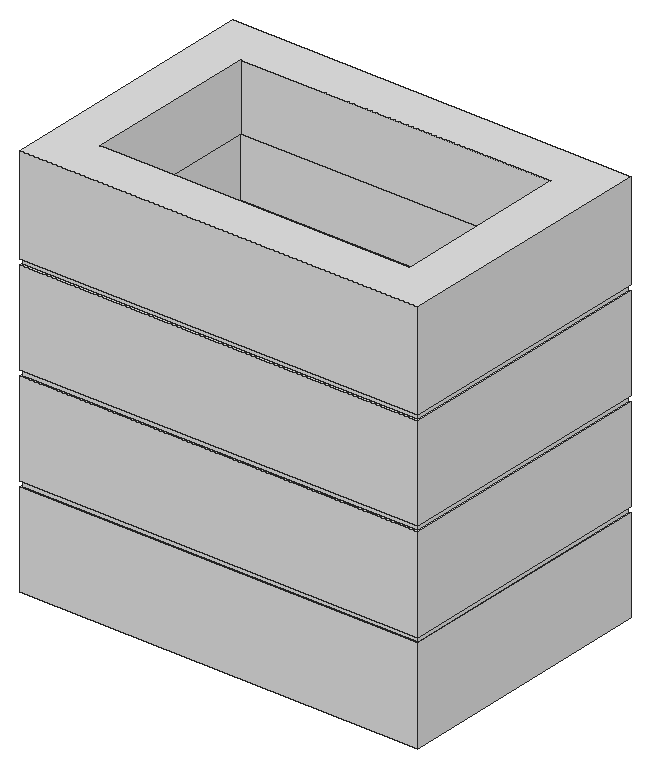
Revit family "Specialty_Equipment-Planter-Planters_Unlimited-Madera-Square-Rectangular", category Specialty Equipment, Revit 2023 (continued)
Types in the file's own list only (1344): name | Square Planter | Diagonal Support Visibility by Length | Diagonal Support | Center Divider | CD_Width | CD_Requested Width Bottom | CD_Requested Width | CD_Requested Length Bottom | CD_Requested Length | CD_Requested Height | Center Divider Visibility by Length | CD_Length | CD_Height | Rectangle Planter
  Rectangular 72" x 18" x 18" | No | Yes | No | Yes | 18" | 12" | 18" | 48" | 72" | 18" | Yes | 72" | 18" | Yes
  Rectangular 72" x 18" x 24" | No | Yes | No | Yes | 18" | 12" | 18" | 48" | 72" | 24" | Yes | 72" | 24" | Yes
  Rectangular 72" x 18" x 30" | No | Yes | No | Yes | 18" | 12" | 18" | 48" | 72" | 30" | Yes | 72" | 30" | Yes
  Rectangular 72" x 18" x 36" | No | Yes | No | Yes | 18" | 12" | 18" | 48" | 72" | 36" | Yes | 72" | 36" | Yes
  Rectangular 72" x 18" x 42" | No | Yes | No | Yes | 18" | 12" | 18" | 48" | 72" | 42" | Yes | 72" | 42" | Yes
  Rectangular 72" x 18" x 48" | No | Yes | No | Yes | 18" | 12" | 18" | 48" | 72" | 48" | Yes | 72" | 48" | Yes
  Rectangular 72" x 18" x 54" | No | Yes | No | Yes | 18" | 12" | 18" | 48" | 72" | 54" | Yes | 72" | 54" | Yes
  Rectangular 72" x 18" x 60" | No | Yes | No | Yes | 18" | 12" | 18" | 48" | 72" | 60" | Yes | 72" | 60" | Yes
  Rectangular 72" x 24" x 18" | No | Yes | No | Yes | 24" | 16" | 24" | 48" | 72" | 18" | Yes | 72" | 18" | Yes
  Rectangular 72" x 24" x 24" | No | Yes | No | Yes | 24" | 16" | 24" | 48" | 72" | 24" | Yes | 72" | 24" | Yes
  Rectangular 72" x 24" x 30" | No | Yes | No | Yes | 24" | 16" | 24" | 48" | 72" | 30" | Yes | 72" | 30" | Yes
  Rectangular 72" x 24" x 36" | No | Yes | No | Yes | 24" | 16" | 24" | 48" | 72" | 36" | Yes | 72" | 36" | Yes
  Rectangular 72" x 24" x 42" | No | Yes | No | Yes | 24" | 16" | 24" | 48" | 72" | 42" | Yes | 72" | 42" | Yes
  Rectangular 72" x 24" x 48" | No | Yes | No | Yes | 24" | 16" | 24" | 48" | 72" | 48" | Yes | 72" | 48" | Yes
  Rectangular 72" x 24" x 54" | No | Yes | No | Yes | 24" | 16" | 24" | 48" | 72" | 54" | Yes | 72" | 54" | Yes
  Rectangular 72" x 24" x 60" | No | Yes | No | Yes | 24" | 16" | 24" | 48" | 72" | 60" | Yes | 72" | 60" | Yes
  Rectangular 72" x 30" x 18" | No | Yes | No | Yes | 30" | 20" | 30" | 48" | 72" | 18" | Yes | 72" | 18" | Yes
  Rectangular 72" x 30" x 24" | No | Yes | No | Yes | 30" | 20" | 30" | 48" | 72" | 24" | Yes | 72" | 24" | Yes
  Rectangular 72" x 30" x 30" | No | Yes | No | Yes | 30" | 20" | 30" | 48" | 72" | 30" | Yes | 72" | 30" | Yes
  Rectangular 72" x 30" x 36" | No | Yes | No | Yes | 30" | 20" | 30" | 48" | 72" | 36" | Yes | 72" | 36" | Yes
  Rectangular 72" x 30" x 42" | No | Yes | No | Yes | 30" | 20" | 30" | 48" | 72" | 42" | Yes | 72" | 42" | Yes
  Rectangular 72" x 30" x 48" | No | Yes | No | Yes | 30" | 20" | 30" | 48" | 72" | 48" | Yes | 72" | 48" | Yes
  Rectangular 72" x 30" x 54" | No | Yes | No | Yes | 30" | 20" | 30" | 48" | 72" | 54" | Yes | 72" | 54" | Yes
  Rectangular 72" x 30" x 60" | No | Yes | No | Yes | 30" | 20" | 30" | 48" | 72" | 60" | Yes | 72" | 60" | Yes
  Rectangular 72" x 36" x 18" | No | Yes | No | Yes | 36" | 24" | 36" | 48" | 72" | 18" | Yes | 72" | 18" | Yes
  Rectangular 72" x 36" x 24" | No | Yes | No | Yes | 36" | 24" | 36" | 48" | 72" | 24" | Yes | 72" | 24" | Yes
  Rectangular 72" x 36" x 30" | No | Yes | No | Yes | 36" | 24" | 36" | 48" | 72" | 30" | Yes | 72" | 30" | Yes
  Rectangular 72" x 36" x 36" | No | Yes | No | Yes | 36" | 24" | 36" | 48" | 72" | 36" | Yes | 72" | 36" | Yes
  Rectangular 72" x 36" x 42" | No | Yes | No | Yes | 36" | 24" | 36" | 48" | 72" | 42" | Yes | 72" | 42" | Yes
  Rectangular 72" x 36" x 48" | No | Yes | No | Yes | 36" | 24" | 36" | 48" | 72" | 48" | Yes | 72" | 48" | Yes
  Rectangular 72" x 36" x 54" | No | Yes | No | Yes | 36" | 24" | 36" | 48" | 72" | 54" | Yes | 72" | 54" | Yes
  Rectangular 72" x 36" x 60" | No | Yes | No | Yes | 36" | 24" | 36" | 48" | 72" | 60" | Yes | 72" | 60" | Yes
  Rectangular 72" x 42" x 18" | No | Yes | No | Yes | 42" | 28" | 42" | 48" | 72" | 18" | Yes | 72" | 18" | Yes
  Rectangular 72" x 42" x 24" | No | Yes | No | Yes | 42" | 28" | 42" | 48" | 72" | 24" | Yes | 72" | 24" | Yes
  Rectangular 72" x 42" x 30" | No | Yes | No | Yes | 42" | 28" | 42" | 48" | 72" | 30" | Yes | 72" | 30" | Yes
  Rectangular 72" x 42" x 36" | No | Yes | No | Yes | 42" | 28" | 42" | 48" | 72" | 36" | Yes | 72" | 36" | Yes
  Rectangular 72" x 42" x 42" | No | Yes | No | Yes | 42" | 28" | 42" | 48" | 72" | 42" | Yes | 72" | 42" | Yes
  Rectangular 72" x 42" x 48" | No | Yes | No | Yes | 42" | 28" | 42" | 48" | 72" | 48" | Yes | 72" | 48" | Yes
  Rectangular 72" x 42" x 54" | No | Yes | No | Yes | 42" | 28" | 42" | 48" | 72" | 54" | Yes | 72" | 54" | Yes
  Rectangular 72" x 42" x 60" | No | Yes | No | Yes | 42" | 28" | 42" | 48" | 72" | 60" | Yes | 72" | 60" | Yes
  Rectangular 72" x 48" x 18" | No | Yes | No | Yes | 48" | 32" | 48" | 48" | 72" | 18" | Yes | 72" | 18" | Yes
  Rectangular 72" x 48" x 24" | No | Yes | No | Yes | 48" | 32" | 48" | 48" | 72" | 24" | Yes | 72" | 24" | Yes
  Rectangular 72" x 48" x 30" | No | Yes | No | Yes | 48" | 32" | 48" | 48" | 72" | 30" | Yes | 72" | 30" | Yes
  Rectangular 72" x 48" x 36" | No | Yes | No | Yes | 48" | 32" | 48" | 48" | 72" | 36" | Yes | 72" | 36" | Yes
  Rectangular 72" x 48" x 42" | No | Yes | No | Yes | 48" | 32" | 48" | 48" | 72" | 42" | Yes | 72" | 42" | Yes
  Rectangular 72" x 48" x 48" | No | Yes | No | Yes | 48" | 32" | 48" | 48" | 72" | 48" | Yes | 72" | 48" | Yes
  Rectangular 72" x 48" x 54" | No | Yes | No | Yes | 48" | 32" | 48" | 48" | 72" | 54" | Yes | 72" | 54" | Yes
  Rectangular 72" x 48" x 60" | No | Yes | No | Yes | 48" | 32" | 48" | 48" | 72" | 60" | Yes | 72" | 60" | Yes
  Rectangular 72" x 60" x 18" | No | Yes | No | Yes | 60" | 40" | 60" | 48" | 72" | 18" | Yes | 72" | 18" | Yes
  Rectangular 72" x 60" x 24" | No | Yes | No | Yes | 60" | 40" | 60" | 48" | 72" | 24" | Yes | 72" | 24" | Yes
  Rectangular 72" x 60" x 30" | No | Yes | No | Yes | 60" | 40" | 60" | 48" | 72" | 30" | Yes | 72" | 30" | Yes
  Rectangular 72" x 60" x 36" | No | Yes | No | Yes | 60" | 40" | 60" | 48" | 72" | 36" | Yes | 72" | 36" | Yes
  Rectangular 72" x 60" x 42" | No | Yes | No | Yes | 60" | 40" | 60" | 48" | 72" | 42" | Yes | 72" | 42" | Yes
  Rectangular 72" x 60" x 48" | No | Yes | No | Yes | 60" | 40" | 60" | 48" | 72" | 48" | Yes | 72" | 48" | Yes
  Rectangular 72" x 60" x 54" | No | Yes | No | Yes | 60" | 40" | 60" | 48" | 72" | 54" | Yes | 72" | 54" | Yes
  Rectangular 72" x 60" x 60" | No | Yes | No | Yes | 60" | 40" | 60" | 48" | 72" | 60" | Yes | 72" | 60" | Yes
  Rectangular 72" x 66" x 18" | No | Yes | No | Yes | 66" | 44" | 66" | 48" | 72" | 18" | Yes | 72" | 18" | Yes
  Rectangular 72" x 66" x 24" | No | Yes | No | Yes | 66" | 44" | 66" | 48" | 72" | 24" | Yes | 72" | 24" | Yes
  Rectangular 72" x 66" x 30" | No | Yes | No | Yes | 66" | 44" | 66" | 48" | 72" | 30" | Yes | 72" | 30" | Yes
  Rectangular 72" x 66" x 36" | No | Yes | No | Yes | 66" | 44" | 66" | 48" | 72" | 36" | Yes | 72" | 36" | Yes
  Rectangular 72" x 66" x 42" | No | Yes | No | Yes | 66" | 44" | 66" | 48" | 72" | 42" | Yes | 72" | 42" | Yes
  Rectangular 72" x 66" x 48" | No | Yes | No | Yes | 66" | 44" | 66" | 48" | 72" | 48" | Yes | 72" | 48" | Yes
  Rectangular 72" x 66" x 54" | No | Yes | No | Yes | 66" | 44" | 66" | 48" | 72" | 54" | Yes | 72" | 54" | Yes
  Rectangular 72" x 66" x 60" | No | Yes | No | Yes | 66" | 44" | 66" | 48" | 72" | 60" | Yes | 72" | 60" | Yes
  Square 72" x 72" x 18" | Yes | Yes | Yes | No | 72" | 48" | 72" | 48" | 72" | 18" | Yes | 72" | 18" | No
  Square 72" x 72" x 24" | Yes | Yes | Yes | No | 72" | 48" | 72" | 48" | 72" | 24" | Yes | 72" | 24" | No
  Square 72" x 72" x 30" | Yes | Yes | Yes | No | 72" | 48" | 72" | 48" | 72" | 30" | Yes | 72" | 30" | No
  Square 72" x 72" x 36" | Yes | Yes | Yes | No | 72" | 48" | 72" | 48" | 72" | 36" | Yes | 72" | 36" | No
  Square 72" x 72" x 42" | Yes | Yes | Yes | No | 72" | 48" | 72" | 48" | 72" | 42" | Yes | 72" | 42" | No
  Square 72" x 72" x 48" | Yes | Yes | Yes | No | 72" | 48" | 72" | 48" | 72" | 48" | Yes | 72" | 48" | No
  Square 72" x 72" x 54" | Yes | Yes | Yes | No | 72" | 48" | 72" | 48" | 72" | 54" | Yes | 72" | 54" | No
  Square 72" x 72" x 60" | Yes | Yes | Yes | No | 72" | 48" | 72" | 48" | 72" | 60" | Yes | 72" | 60" | No
  Rectangular 78" x 12" x 18" | No | Yes | No | Yes | 12" | 8" | 12" | 52" | 78" | 18" | Yes | 78" | 18" | Yes
  Rectangular 78" x 12" x 24" | No | Yes | No | Yes | 12" | 8" | 12" | 52" | 78" | 24" | Yes | 78" | 24" | Yes
  Rectangular 78" x 12" x 30" | No | Yes | No | Yes | 12" | 8" | 12" | 52" | 78" | 30" | Yes | 78" | 30" | Yes
  Rectangular 78" x 12" x 36" | No | Yes | No | Yes | 12" | 8" | 12" | 52" | 78" | 36" | Yes | 78" | 36" | Yes
  Rectangular 78" x 15" x 18" | No | Yes | No | Yes | 15" | 10" | 15" | 52" | 78" | 18" | Yes | 78" | 18" | Yes
  Rectangular 78" x 15" x 24" | No | Yes | No | Yes | 15" | 10" | 15" | 52" | 78" | 24" | Yes | 78" | 24" | Yes
  Rectangular 78" x 15" x 30" | No | Yes | No | Yes | 15" | 10" | 15" | 52" | 78" | 30" | Yes | 78" | 30" | Yes
  Rectangular 78" x 15" x 36" | No | Yes | No | Yes | 15" | 10" | 15" | 52" | 78" | 36" | Yes | 78" | 36" | Yes
  Rectangular 78" x 15" x 42" | No | Yes | No | Yes | 15" | 10" | 15" | 52" | 78" | 42" | Yes | 78" | 42" | Yes
  Rectangular 78" x 15" x 48" | No | Yes | No | Yes | 15" | 10" | 15" | 52" | 78" | 48" | Yes | 78" | 48" | Yes
  Rectangular 78" x 15" x 54" | No | Yes | No | Yes | 15" | 10" | 15" | 52" | 78" | 54" | Yes | 78" | 54" | Yes
  Rectangular 78" x 15" x 60" | No | Yes | No | Yes | 15" | 10" | 15" | 52" | 78" | 60" | Yes | 78" | 60" | Yes
  Rectangular 78" x 18" x 18" | No | Yes | No | Yes | 18" | 12" | 18" | 52" | 78" | 18" | Yes | 78" | 18" | Yes
  Rectangular 78" x 18" x 24" | No | Yes | No | Yes | 18" | 12" | 18" | 52" | 78" | 24" | Yes | 78" | 24" | Yes
  Rectangular 78" x 18" x 30" | No | Yes | No | Yes | 18" | 12" | 18" | 52" | 78" | 30" | Yes | 78" | 30" | Yes
  Rectangular 78" x 18" x 36" | No | Yes | No | Yes | 18" | 12" | 18" | 52" | 78" | 36" | Yes | 78" | 36" | Yes
  Rectangular 78" x 18" x 42" | No | Yes | No | Yes | 18" | 12" | 18" | 52" | 78" | 42" | Yes | 78" | 42" | Yes
  Rectangular 78" x 18" x 48" | No | Yes | No | Yes | 18" | 12" | 18" | 52" | 78" | 48" | Yes | 78" | 48" | Yes
  Rectangular 78" x 18" x 54" | No | Yes | No | Yes | 18" | 12" | 18" | 52" | 78" | 54" | Yes | 78" | 54" | Yes
  Rectangular 78" x 18" x 60" | No | Yes | No | Yes | 18" | 12" | 18" | 52" | 78" | 60" | Yes | 78" | 60" | Yes
  Rectangular 78" x 24" x 18" | No | Yes | No | Yes | 24" | 16" | 24" | 52" | 78" | 18" | Yes | 78" | 18" | Yes
  Rectangular 78" x 24" x 24" | No | Yes | No | Yes | 24" | 16" | 24" | 52" | 78" | 24" | Yes | 78" | 24" | Yes
  Rectangular 78" x 24" x 30" | No | Yes | No | Yes | 24" | 16" | 24" | 52" | 78" | 30" | Yes | 78" | 30" | Yes
  Rectangular 78" x 24" x 36" | No | Yes | No | Yes | 24" | 16" | 24" | 52" | 78" | 36" | Yes | 78" | 36" | Yes
  Rectangular 78" x 24" x 42" | No | Yes | No | Yes | 24" | 16" | 24" | 52" | 78" | 42" | Yes | 78" | 42" | Yes
  Rectangular 78" x 24" x 48" | No | Yes | No | Yes | 24" | 16" | 24" | 52" | 78" | 48" | Yes | 78" | 48" | Yes
  Rectangular 78" x 24" x 54" | No | Yes | No | Yes | 24" | 16" | 24" | 52" | 78" | 54" | Yes | 78" | 54" | Yes
  Rectangular 78" x 24" x 60" | No | Yes | No | Yes | 24" | 16" | 24" | 52" | 78" | 60" | Yes | 78" | 60" | Yes
  Rectangular 78" x 30" x 18" | No | Yes | No | Yes | 30" | 20" | 30" | 52" | 78" | 18" | Yes | 78" | 18" | Yes
  Rectangular 78" x 30" x 24" | No | Yes | No | Yes | 30" | 20" | 30" | 52" | 78" | 24" | Yes | 78" | 24" | Yes
  Rectangular 78" x 30" x 30" | No | Yes | No | Yes | 30" | 20" | 30" | 52" | 78" | 30" | Yes | 78" | 30" | Yes
  Rectangular 78" x 30" x 36" | No | Yes | No | Yes | 30" | 20" | 30" | 52" | 78" | 36" | Yes | 78" | 36" | Yes
  Rectangular 78" x 30" x 42" | No | Yes | No | Yes | 30" | 20" | 30" | 52" | 78" | 42" | Yes | 78" | 42" | Yes
  Rectangular 78" x 30" x 48" | No | Yes | No | Yes | 30" | 20" | 30" | 52" | 78" | 48" | Yes | 78" | 48" | Yes
  Rectangular 78" x 30" x 54" | No | Yes | No | Yes | 30" | 20" | 30" | 52" | 78" | 54" | Yes | 78" | 54" | Yes
  Rectangular 78" x 30" x 60" | No | Yes | No | Yes | 30" | 20" | 30" | 52" | 78" | 60" | Yes | 78" | 60" | Yes
  Rectangular 78" x 36" x 18" | No | Yes | No | Yes | 36" | 24" | 36" | 52" | 78" | 18" | Yes | 78" | 18" | Yes
  Rectangular 78" x 36" x 24" | No | Yes | No | Yes | 36" | 24" | 36" | 52" | 78" | 24" | Yes | 78" | 24" | Yes
  Rectangular 78" x 36" x 30" | No | Yes | No | Yes | 36" | 24" | 36" | 52" | 78" | 30" | Yes | 78" | 30" | Yes
  Rectangular 78" x 36" x 36" | No | Yes | No | Yes | 36" | 24" | 36" | 52" | 78" | 36" | Yes | 78" | 36" | Yes
  Rectangular 78" x 36" x 42" | No | Yes | No | Yes | 36" | 24" | 36" | 52" | 78" | 42" | Yes | 78" | 42" | Yes
  Rectangular 78" x 36" x 48" | No | Yes | No | Yes | 36" | 24" | 36" | 52" | 78" | 48" | Yes | 78" | 48" | Yes
  Rectangular 78" x 36" x 54" | No | Yes | No | Yes | 36" | 24" | 36" | 52" | 78" | 54" | Yes | 78" | 54" | Yes
  Rectangular 78" x 36" x 60" | No | Yes | No | Yes | 36" | 24" | 36" | 52" | 78" | 60" | Yes | 78" | 60" | Yes
  Rectangular 78" x 42" x 18" | No | Yes | No | Yes | 42" | 28" | 42" | 52" | 78" | 18" | Yes | 78" | 18" | Yes
  Rectangular 78" x 42" x 24" | No | Yes | No | Yes | 42" | 28" | 42" | 52" | 78" | 24" | Yes | 78" | 24" | Yes
  Rectangular 78" x 42" x 30" | No | Yes | No | Yes | 42" | 28" | 42" | 52" | 78" | 30" | Yes | 78" | 30" | Yes
  Rectangular 78" x 42" x 36" | No | Yes | No | Yes | 42" | 28" | 42" | 52" | 78" | 36" | Yes | 78" | 36" | Yes
  Rectangular 78" x 42" x 42" | No | Yes | No | Yes | 42" | 28" | 42" | 52" | 78" | 42" | Yes | 78" | 42" | Yes
  Rectangular 78" x 42" x 48" | No | Yes | No | Yes | 42" | 28" | 42" | 52" | 78" | 48" | Yes | 78" | 48" | Yes
  Rectangular 78" x 42" x 54" | No | Yes | No | Yes | 42" | 28" | 42" | 52" | 78" | 54" | Yes | 78" | 54" | Yes
  Rectangular 78" x 42" x 60" | No | Yes | No | Yes | 42" | 28" | 42" | 52" | 78" | 60" | Yes | 78" | 60" | Yes
  Rectangular 78" x 48" x 18" | No | Yes | No | Yes | 48" | 32" | 48" | 52" | 78" | 18" | Yes | 78" | 18" | Yes
  Rectangular 78" x 48" x 24" | No | Yes | No | Yes | 48" | 32" | 48" | 52" | 78" | 24" | Yes | 78" | 24" | Yes
  Rectangular 78" x 48" x 30" | No | Yes | No | Yes | 48" | 32" | 48" | 52" | 78" | 30" | Yes | 78" | 30" | Yes
  Rectangular 78" x 48" x 36" | No | Yes | No | Yes | 48" | 32" | 48" | 52" | 78" | 36" | Yes | 78" | 36" | Yes
  Rectangular 78" x 48" x 42" | No | Yes | No | Yes | 48" | 32" | 48" | 52" | 78" | 42" | Yes | 78" | 42" | Yes
  Rectangular 78" x 48" x 48" | No | Yes | No | Yes | 48" | 32" | 48" | 52" | 78" | 48" | Yes | 78" | 48" | Yes
  Rectangular 78" x 48" x 54" | No | Yes | No | Yes | 48" | 32" | 48" | 52" | 78" | 54" | Yes | 78" | 54" | Yes
  Rectangular 78" x 48" x 60" | No | Yes | No | Yes | 48" | 32" | 48" | 52" | 78" | 60" | Yes | 78" | 60" | Yes
  Rectangular 78" x 60" x 18" | No | Yes | No | Yes | 60" | 40" | 60" | 52" | 78" | 18" | Yes | 78" | 18" | Yes
  Rectangular 78" x 60" x 24" | No | Yes | No | Yes | 60" | 40" | 60" | 52" | 78" | 24" | Yes | 78" | 24" | Yes
  Rectangular 78" x 60" x 30" | No | Yes | No | Yes | 60" | 40" | 60" | 52" | 78" | 30" | Yes | 78" | 30" | Yes
  Rectangular 78" x 60" x 36" | No | Yes | No | Yes | 60" | 40" | 60" | 52" | 78" | 36" | Yes | 78" | 36" | Yes
  Rectangular 78" x 60" x 42" | No | Yes | No | Yes | 60" | 40" | 60" | 52" | 78" | 42" | Yes | 78" | 42" | Yes
  Rectangular 78" x 60" x 48" | No | Yes | No | Yes | 60" | 40" | 60" | 52" | 78" | 48" | Yes | 78" | 48" | Yes
  Rectangular 78" x 60" x 54" | No | Yes | No | Yes | 60" | 40" | 60" | 52" | 78" | 54" | Yes | 78" | 54" | Yes
  Rectangular 78" x 60" x 60" | No | Yes | No | Yes | 60" | 40" | 60" | 52" | 78" | 60" | Yes | 78" | 60" | Yes
  Rectangular 78" x 66" x 18" | No | Yes | No | Yes | 66" | 44" | 66" | 52" | 78" | 18" | Yes | 78" | 18" | Yes
  Rectangular 78" x 66" x 24" | No | Yes | No | Yes | 66" | 44" | 66" | 52" | 78" | 24" | Yes | 78" | 24" | Yes
  Rectangular 78" x 66" x 30" | No | Yes | No | Yes | 66" | 44" | 66" | 52" | 78" | 30" | Yes | 78" | 30" | Yes
  Rectangular 78" x 66" x 36" | No | Yes | No | Yes | 66" | 44" | 66" | 52" | 78" | 36" | Yes | 78" | 36" | Yes
  Rectangular 78" x 66" x 42" | No | Yes | No | Yes | 66" | 44" | 66" | 52" | 78" | 42" | Yes | 78" | 42" | Yes
  Rectangular 78" x 66" x 48" | No | Yes | No | Yes | 66" | 44" | 66" | 52" | 78" | 48" | Yes | 78" | 48" | Yes
  Rectangular 78" x 66" x 54" | No | Yes | No | Yes | 66" | 44" | 66" | 52" | 78" | 54" | Yes | 78" | 54" | Yes
  Rectangular 78" x 66" x 60" | No | Yes | No | Yes | 66" | 44" | 66" | 52" | 78" | 60" | Yes | 78" | 60" | Yes
  Rectangular 78" x 72" x 18" | No | Yes | No | Yes | 72" | 48" | 72" | 52" | 78" | 18" | Yes | 78" | 18" | Yes
  Rectangular 78" x 72" x 24" | No | Yes | No | Yes | 72" | 48" | 72" | 52" | 78" | 24" | Yes | 78" | 24" | Yes
  Rectangular 78" x 72" x 30" | No | Yes | No | Yes | 72" | 48" | 72" | 52" | 78" | 30" | Yes | 78" | 30" | Yes
  Rectangular 78" x 72" x 36" | No | Yes | No | Yes | 72" | 48" | 72" | 52" | 78" | 36" | Yes | 78" | 36" | Yes
  Rectangular 78" x 72" x 42" | No | Yes | No | Yes | 72" | 48" | 72" | 52" | 78" | 42" | Yes | 78" | 42" | Yes
  Rectangular 78" x 72" x 48" | No | Yes | No | Yes | 72" | 48" | 72" | 52" | 78" | 48" | Yes | 78" | 48" | Yes
  Rectangular 78" x 72" x 54" | No | Yes | No | Yes | 72" | 48" | 72" | 52" | 78" | 54" | Yes | 78" | 54" | Yes
  Rectangular 78" x 72" x 60" | No | Yes | No | Yes | 72" | 48" | 72" | 52" | 78" | 60" | Yes | 78" | 60" | Yes
  Rectangular 84" x 12" x 18" | No | Yes | No | Yes | 12" | 8" | 12" | 56" | 84" | 18" | Yes | 84" | 18" | Yes
  Rectangular 84" x 12" x 24" | No | Yes | No | Yes | 12" | 8" | 12" | 56" | 84" | 24" | Yes | 84" | 24" | Yes
  Rectangular 84" x 12" x 30" | No | Yes | No | Yes | 12" | 8" | 12" | 56" | 84" | 30" | Yes | 84" | 30" | Yes
  Rectangular 84" x 12" x 36" | No | Yes | No | Yes | 12" | 8" | 12" | 56" | 84" | 36" | Yes | 84" | 36" | Yes
  Rectangular 84" x 15" x 18" | No | Yes | No | Yes | 15" | 10" | 15" | 56" | 84" | 18" | Yes | 84" | 18" | Yes
  Rectangular 84" x 15" x 24" | No | Yes | No | Yes | 15" | 10" | 15" | 56" | 84" | 24" | Yes | 84" | 24" | Yes
  Rectangular 84" x 15" x 30" | No | Yes | No | Yes | 15" | 10" | 15" | 56" | 84" | 30" | Yes | 84" | 30" | Yes
  Rectangular 84" x 15" x 36" | No | Yes | No | Yes | 15" | 10" | 15" | 56" | 84" | 36" | Yes | 84" | 36" | Yes
  Rectangular 84" x 15" x 42" | No | Yes | No | Yes | 15" | 10" | 15" | 56" | 84" | 42" | Yes | 84" | 42" | Yes
  Rectangular 84" x 15" x 48" | No | Yes | No | Yes | 15" | 10" | 15" | 56" | 84" | 48" | Yes | 84" | 48" | Yes
  Rectangular 84" x 15" x 54" | No | Yes | No | Yes | 15" | 10" | 15" | 56" | 84" | 54" | Yes | 84" | 54" | Yes
  Rectangular 84" x 15" x 60" | No | Yes | No | Yes | 15" | 10" | 15" | 56" | 84" | 60" | Yes | 84" | 60" | Yes
  Rectangular 84" x 18" x 18" | No | Yes | No | Yes | 18" | 12" | 18" | 56" | 84" | 18" | Yes | 84" | 18" | Yes
  Rectangular 84" x 18" x 24" | No | Yes | No | Yes | 18" | 12" | 18" | 56" | 84" | 24" | Yes | 84" | 24" | Yes
  Rectangular 84" x 18" x 30" | No | Yes | No | Yes | 18" | 12" | 18" | 56" | 84" | 30" | Yes | 84" | 30" | Yes
  Rectangular 84" x 18" x 36" | No | Yes | No | Yes | 18" | 12" | 18" | 56" | 84" | 36" | Yes | 84" | 36" | Yes
  Rectangular 84" x 18" x 42" | No | Yes | No | Yes | 18" | 12" | 18" | 56" | 84" | 42" | Yes | 84" | 42" | Yes
  Rectangular 84" x 18" x 48" | No | Yes | No | Yes | 18" | 12" | 18" | 56" | 84" | 48" | Yes | 84" | 48" | Yes
  Rectangular 84" x 18" x 54" | No | Yes | No | Yes | 18" | 12" | 18" | 56" | 84" | 54" | Yes | 84" | 54" | Yes
  Rectangular 84" x 18" x 60" | No | Yes | No | Yes | 18" | 12" | 18" | 56" | 84" | 60" | Yes | 84" | 60" | Yes
  Rectangular 84" x 24" x 18" | No | Yes | No | Yes | 24" | 16" | 24" | 56" | 84" | 18" | Yes | 84" | 18" | Yes
  Rectangular 84" x 24" x 24" | No | Yes | No | Yes | 24" | 16" | 24" | 56" | 84" | 24" | Yes | 84" | 24" | Yes
  Rectangular 84" x 24" x 30" | No | Yes | No | Yes | 24" | 16" | 24" | 56" | 84" | 30" | Yes | 84" | 30" | Yes
  Rectangular 84" x 24" x 36" | No | Yes | No | Yes | 24" | 16" | 24" | 56" | 84" | 36" | Yes | 84" | 36" | Yes
  Rectangular 84" x 24" x 42" | No | Yes | No | Yes | 24" | 16" | 24" | 56" | 84" | 42" | Yes | 84" | 42" | Yes
  Rectangular 84" x 24" x 48" | No | Yes | No | Yes | 24" | 16" | 24" | 56" | 84" | 48" | Yes | 84" | 48" | Yes
  Rectangular 84" x 24" x 54" | No | Yes | No | Yes | 24" | 16" | 24" | 56" | 84" | 54" | Yes | 84" | 54" | Yes
  Rectangular 84" x 24" x 60" | No | Yes | No | Yes | 24" | 16" | 24" | 56" | 84" | 60" | Yes | 84" | 60" | Yes
  Rectangular 84" x 30" x 18" | No | Yes | No | Yes | 30" | 20" | 30" | 56" | 84" | 18" | Yes | 84" | 18" | Yes
  Rectangular 84" x 30" x 24" | No | Yes | No | Yes | 30" | 20" | 30" | 56" | 84" | 24" | Yes | 84" | 24" | Yes
  Rectangular 84" x 30" x 30" | No | Yes | No | Yes | 30" | 20" | 30" | 56" | 84" | 30" | Yes | 84" | 30" | Yes
  Rectangular 84" x 30" x 36" | No | Yes | No | Yes | 30" | 20" | 30" | 56" | 84" | 36" | Yes | 84" | 36" | Yes
  Rectangular 84" x 30" x 42" | No | Yes | No | Yes | 30" | 20" | 30" | 56" | 84" | 42" | Yes | 84" | 42" | Yes
  Rectangular 84" x 30" x 48" | No | Yes | No | Yes | 30" | 20" | 30" | 56" | 84" | 48" | Yes | 84" | 48" | Yes
  Rectangular 84" x 30" x 54" | No | Yes | No | Yes | 30" | 20" | 30" | 56" | 84" | 54" | Yes | 84" | 54" | Yes
  Rectangular 84" x 30" x 60" | No | Yes | No | Yes | 30" | 20" | 30" | 56" | 84" | 60" | Yes | 84" | 60" | Yes
  Rectangular 84" x 36" x 18" | No | Yes | No | Yes | 36" | 24" | 36" | 56" | 84" | 18" | Yes | 84" | 18" | Yes
  Rectangular 84" x 36" x 24" | No | Yes | No | Yes | 36" | 24" | 36" | 56" | 84" | 24" | Yes | 84" | 24" | Yes
  Rectangular 84" x 36" x 30" | No | Yes | No | Yes | 36" | 24" | 36" | 56" | 84" | 30" | Yes | 84" | 30" | Yes
  Rectangular 84" x 36" x 36" | No | Yes | No | Yes | 36" | 24" | 36" | 56" | 84" | 36" | Yes | 84" | 36" | Yes
  Rectangular 84" x 36" x 42" | No | Yes | No | Yes | 36" | 24" | 36" | 56" | 84" | 42" | Yes | 84" | 42" | Yes
  Rectangular 84" x 36" x 48" | No | Yes | No | Yes | 36" | 24" | 36" | 56" | 84" | 48" | Yes | 84" | 48" | Yes
  Rectangular 84" x 36" x 54" | No | Yes | No | Yes | 36" | 24" | 36" | 56" | 84" | 54" | Yes | 84" | 54" | Yes
  Rectangular 84" x 36" x 60" | No | Yes | No | Yes | 36" | 24" | 36" | 56" | 84" | 60" | Yes | 84" | 60" | Yes
  Rectangular 84" x 42" x 18" | No | Yes | No | Yes | 42" | 28" | 42" | 56" | 84" | 18" | Yes | 84" | 18" | Yes
  Rectangular 84" x 42" x 24" | No | Yes | No | Yes | 42" | 28" | 42" | 56" | 84" | 24" | Yes | 84" | 24" | Yes
  Rectangular 84" x 42" x 30" | No | Yes | No | Yes | 42" | 28" | 42" | 56" | 84" | 30" | Yes | 84" | 30" | Yes
  Rectangular 84" x 42" x 36" | No | Yes | No | Yes | 42" | 28" | 42" | 56" | 84" | 36" | Yes | 84" | 36" | Yes
  Rectangular 84" x 42" x 42" | No | Yes | No | Yes | 42" | 28" | 42" | 56" | 84" | 42" | Yes | 84" | 42" | Yes
  Rectangular 84" x 42" x 48" | No | Yes | No | Yes | 42" | 28" | 42" | 56" | 84" | 48" | Yes | 84" | 48" | Yes
  Rectangular 84" x 42" x 54" | No | Yes | No | Yes | 42" | 28" | 42" | 56" | 84" | 54" | Yes | 84" | 54" | Yes
  Rectangular 84" x 42" x 60" | No | Yes | No | Yes | 42" | 28" | 42" | 56" | 84" | 60" | Yes | 84" | 60" | Yes
  Rectangular 84" x 48" x 18" | No | Yes | No | Yes | 48" | 32" | 48" | 56" | 84" | 18" | Yes | 84" | 18" | Yes
  Rectangular 84" x 48" x 24" | No | Yes | No | Yes | 48" | 32" | 48" | 56" | 84" | 24" | Yes | 84" | 24" | Yes
  Rectangular 84" x 48" x 30" | No | Yes | No | Yes | 48" | 32" | 48" | 56" | 84" | 30" | Yes | 84" | 30" | Yes
  Rectangular 84" x 48" x 36" | No | Yes | No | Yes | 48" | 32" | 48" | 56" | 84" | 36" | Yes | 84" | 36" | Yes
  Rectangular 84" x 48" x 42" | No | Yes | No | Yes | 48" | 32" | 48" | 56" | 84" | 42" | Yes | 84" | 42" | Yes
  Rectangular 84" x 48" x 48" | No | Yes | No | Yes | 48" | 32" | 48" | 56" | 84" | 48" | Yes | 84" | 48" | Yes
  Rectangular 84" x 48" x 54" | No | Yes | No | Yes | 48" | 32" | 48" | 56" | 84" | 54" | Yes | 84" | 54" | Yes
  Rectangular 84" x 48" x 60" | No | Yes | No | Yes | 48" | 32" | 48" | 56" | 84" | 60" | Yes | 84" | 60" | Yes
  Rectangular 84" x 60" x 18" | No | Yes | No | Yes | 60" | 40" | 60" | 56" | 84" | 18" | Yes | 84" | 18" | Yes
  Rectangular 84" x 60" x 24" | No | Yes | No | Yes | 60" | 40" | 60" | 56" | 84" | 24" | Yes | 84" | 24" | Yes
  Rectangular 84" x 60" x 30" | No | Yes | No | Yes | 60" | 40" | 60" | 56" | 84" | 30" | Yes | 84" | 30" | Yes
  Rectangular 84" x 60" x 36" | No | Yes | No | Yes | 60" | 40" | 60" | 56" | 84" | 36" | Yes | 84" | 36" | Yes
  Rectangular 84" x 60" x 42" | No | Yes | No | Yes | 60" | 40" | 60" | 56" | 84" | 42" | Yes | 84" | 42" | Yes
  Rectangular 84" x 60" x 48" | No | Yes | No | Yes | 60" | 40" | 60" | 56" | 84" | 48" | Yes | 84" | 48" | Yes
  Rectangular 84" x 60" x 54" | No | Yes | No | Yes | 60" | 40" | 60" | 56" | 84" | 54" | Yes | 84" | 54" | Yes
  Rectangular 84" x 60" x 60" | No | Yes | No | Yes | 60" | 40" | 60" | 56" | 84" | 60" | Yes | 84" | 60" | Yes
  Rectangular 84" x 66" x 18" | No | Yes | No | Yes | 66" | 44" | 66" | 56" | 84" | 18" | Yes | 84" | 18" | Yes
  Rectangular 84" x 66" x 24" | No | Yes | No | Yes | 66" | 44" | 66" | 56" | 84" | 24" | Yes | 84" | 24" | Yes
  Rectangular 84" x 66" x 30" | No | Yes | No | Yes | 66" | 44" | 66" | 56" | 84" | 30" | Yes | 84" | 30" | Yes
  Rectangular 84" x 66" x 36" | No | Yes | No | Yes | 66" | 44" | 66" | 56" | 84" | 36" | Yes | 84" | 36" | Yes
  Rectangular 84" x 66" x 42" | No | Yes | No | Yes | 66" | 44" | 66" | 56" | 84" | 42" | Yes | 84" | 42" | Yes
  Rectangular 84" x 66" x 48" | No | Yes | No | Yes | 66" | 44" | 66" | 56" | 84" | 48" | Yes | 84" | 48" | Yes
  Rectangular 84" x 66" x 54" | No | Yes | No | Yes | 66" | 44" | 66" | 56" | 84" | 54" | Yes | 84" | 54" | Yes
  Rectangular 84" x 66" x 60" | No | Yes | No | Yes | 66" | 44" | 66" | 56" | 84" | 60" | Yes | 84" | 60" | Yes
  Rectangular 84" x 72" x 18" | No | Yes | No | Yes | 72" | 48" | 72" | 56" | 84" | 18" | Yes | 84" | 18" | Yes
  Rectangular 84" x 72" x 24" | No | Yes | No | Yes | 72" | 48" | 72" | 56" | 84" | 24" | Yes | 84" | 24" | Yes
  Rectangular 84" x 72" x 30" | No | Yes | No | Yes | 72" | 48" | 72" | 56" | 84" | 30" | Yes | 84" | 30" | Yes
  Rectangular 84" x 72" x 36" | No | Yes | No | Yes | 72" | 48" | 72" | 56" | 84" | 36" | Yes | 84" | 36" | Yes
  Rectangular 84" x 72" x 42" | No | Yes | No | Yes | 72" | 48" | 72" | 56" | 84" | 42" | Yes | 84" | 42" | Yes
  Rectangular 84" x 72" x 48" | No | Yes | No | Yes | 72" | 48" | 72" | 56" | 84" | 48" | Yes | 84" | 48" | Yes
  Rectangular 84" x 72" x 54" | No | Yes | No | Yes | 72" | 48" | 72" | 56" | 84" | 54" | Yes | 84" | 54" | Yes
  Rectangular 84" x 72" x 60" | No | Yes | No | Yes | 72" | 48" | 72" | 56" | 84" | 60" | Yes | 84" | 60" | Yes
  Rectangular 90" x 12" x 18" | No | Yes | No | Yes | 12" | 8" | 12" | 60" | 90" | 18" | Yes | 90" | 18" | Yes
  Rectangular 90" x 12" x 24" | No | Yes | No | Yes | 12" | 8" | 12" | 60" | 90" | 24" | Yes | 90" | 24" | Yes
  Rectangular 90" x 12" x 30" | No | Yes | No | Yes | 12" | 8" | 12" | 60" | 90" | 30" | Yes | 90" | 30" | Yes
  Rectangular 90" x 12" x 36" | No | Yes | No | Yes | 12" | 8" | 12" | 60" | 90" | 36" | Yes | 90" | 36" | Yes
  Rectangular 90" x 15" x 18" | No | Yes | No | Yes | 15" | 10" | 15" | 60" | 90" | 18" | Yes | 90" | 18" | Yes
  Rectangular 90" x 15" x 24" | No | Yes | No | Yes | 15" | 10" | 15" | 60" | 90" | 24" | Yes | 90" | 24" | Yes
  Rectangular 90" x 15" x 30" | No | Yes | No | Yes | 15" | 10" | 15" | 60" | 90" | 30" | Yes | 90" | 30" | Yes
  Rectangular 90" x 15" x 36" | No | Yes | No | Yes | 15" | 10" | 15" | 60" | 90" | 36" | Yes | 90" | 36" | Yes
  Rectangular 90" x 15" x 42" | No | Yes | No | Yes | 15" | 10" | 15" | 60" | 90" | 42" | Yes | 90" | 42" | Yes
  Rectangular 90" x 15" x 48" | No | Yes | No | Yes | 15" | 10" | 15" | 60" | 90" | 48" | Yes | 90" | 48" | Yes
  Rectangular 90" x 15" x 54" | No | Yes | No | Yes | 15" | 10" | 15" | 60" | 90" | 54" | Yes | 90" | 54" | Yes
  Rectangular 90" x 15" x 60" | No | Yes | No | Yes | 15" | 10" | 15" | 60" | 90" | 60" | Yes | 90" | 60" | Yes
  Rectangular 90" x 18" x 18" | No | Yes | No | Yes | 18" | 12" | 18" | 60" | 90" | 18" | Yes | 90" | 18" | Yes
  Rectangular 90" x 18" x 24" | No | Yes | No | Yes | 18" | 12" | 18" | 60" | 90" | 24" | Yes | 90" | 24" | Yes
  Rectangular 90" x 18" x 30" | No | Yes | No | Yes | 18" | 12" | 18" | 60" | 90" | 30" | Yes | 90" | 30" | Yes
  Rectangular 90" x 18" x 36" | No | Yes | No | Yes | 18" | 12" | 18" | 60" | 90" | 36" | Yes | 90" | 36" | Yes
  Rectangular 90" x 18" x 42" | No | Yes | No | Yes | 18" | 12" | 18" | 60" | 90" | 42" | Yes | 90" | 42" | Yes
  Rectangular 90" x 18" x 48" | No | Yes | No | Yes | 18" | 12" | 18" | 60" | 90" | 48" | Yes | 90" | 48" | Yes
  Rectangular 90" x 18" x 54" | No | Yes | No | Yes | 18" | 12" | 18" | 60" | 90" | 54" | Yes | 90" | 54" | Yes
  Rectangular 90" x 18" x 60" | No | Yes | No | Yes | 18" | 12" | 18" | 60" | 90" | 60" | Yes | 90" | 60" | Yes
  Rectangular 90" x 24" x 18" | No | Yes | No | Yes | 24" | 16" | 24" | 60" | 90" | 18" | Yes | 90" | 18" | Yes
  Rectangular 90" x 24" x 24" | No | Yes | No | Yes | 24" | 16" | 24" | 60" | 90" | 24" | Yes | 90" | 24" | Yes
  Rectangular 90" x 24" x 30" | No | Yes | No | Yes | 24" | 16" | 24" | 60" | 90" | 30" | Yes | 90" | 30" | Yes
  Rectangular 90" x 24" x 36" | No | Yes | No | Yes | 24" | 16" | 24" | 60" | 90" | 36" | Yes | 90" | 36" | Yes
  Rectangular 90" x 24" x 42" | No | Yes | No | Yes | 24" | 16" | 24" | 60" | 90" | 42" | Yes | 90" | 42" | Yes
  Rectangular 90" x 24" x 48" | No | Yes | No | Yes | 24" | 16" | 24" | 60" | 90" | 48" | Yes | 90" | 48" | Yes
  Rectangular 90" x 24" x 54" | No | Yes | No | Yes | 24" | 16" | 24" | 60" | 90" | 54" | Yes | 90" | 54" | Yes
  Rectangular 90" x 24" x 60" | No | Yes | No | Yes | 24" | 16" | 24" | 60" | 90" | 60" | Yes | 90" | 60" | Yes
  Rectangular 90" x 30" x 18" | No | Yes | No | Yes | 30" | 20" | 30" | 60" | 90" | 18" | Yes | 90" | 18" | Yes
  Rectangular 90" x 30" x 24" | No | Yes | No | Yes | 30" | 20" | 30" | 60" | 90" | 24" | Yes | 90" | 24" | Yes
  Rectangular 90" x 30" x 30" | No | Yes | No | Yes | 30" | 20" | 30" | 60" | 90" | 30" | Yes | 90" | 30" | Yes
  Rectangular 90" x 30" x 36" | No | Yes | No | Yes | 30" | 20" | 30" | 60" | 90" | 36" | Yes | 90" | 36" | Yes
  Rectangular 90" x 30" x 42" | No | Yes | No | Yes | 30" | 20" | 30" | 60" | 90" | 42" | Yes | 90" | 42" | Yes
  Rectangular 90" x 30" x 48" | No | Yes | No | Yes | 30" | 20" | 30" | 60" | 90" | 48" | Yes | 90" | 48" | Yes
  Rectangular 90" x 30" x 54" | No | Yes | No | Yes | 30" | 20" | 30" | 60" | 90" | 54" | Yes | 90" | 54" | Yes
  Rectangular 90" x 30" x 60" | No | Yes | No | Yes | 30" | 20" | 30" | 60" | 90" | 60" | Yes | 90" | 60" | Yes
  Rectangular 90" x 36" x 18" | No | Yes | No | Yes | 36" | 24" | 36" | 60" | 90" | 18" | Yes | 90" | 18" | Yes
  Rectangular 90" x 36" x 24" | No | Yes | No | Yes | 36" | 24" | 36" | 60" | 90" | 24" | Yes | 90" | 24" | Yes
  Rectangular 90" x 36" x 30" | No | Yes | No | Yes | 36" | 24" | 36" | 60" | 90" | 30" | Yes | 90" | 30" | Yes
  Rectangular 90" x 36" x 36" | No | Yes | No | Yes | 36" | 24" | 36" | 60" | 90" | 36" | Yes | 90" | 36" | Yes
  Rectangular 90" x 36" x 42" | No | Yes | No | Yes | 36" | 24" | 36" | 60" | 90" | 42" | Yes | 90" | 42" | Yes
  Rectangular 90" x 36" x 48" | No | Yes | No | Yes | 36" | 24" | 36" | 60" | 90" | 48" | Yes | 90" | 48" | Yes
  Rectangular 90" x 36" x 54" | No | Yes | No | Yes | 36" | 24" | 36" | 60" | 90" | 54" | Yes | 90" | 54" | Yes
  Rectangular 90" x 36" x 60" | No | Yes | No | Yes | 36" | 24" | 36" | 60" | 90" | 60" | Yes | 90" | 60" | Yes
  Rectangular 90" x 42" x 18" | No | Yes | No | Yes | 42" | 28" | 42" | 60" | 90" | 18" | Yes | 90" | 18" | Yes
  Rectangular 90" x 42" x 24" | No | Yes | No | Yes | 42" | 28" | 42" | 60" | 90" | 24" | Yes | 90" | 24" | Yes
  Rectangular 90" x 42" x 30" | No | Yes | No | Yes | 42" | 28" | 42" | 60" | 90" | 30" | Yes | 90" | 30" | Yes
  Rectangular 90" x 42" x 36" | No | Yes | No | Yes | 42" | 28" | 42" | 60" | 90" | 36" | Yes | 90" | 36" | Yes
  Rectangular 90" x 42" x 42" | No | Yes | No | Yes | 42" | 28" | 42" | 60" | 90" | 42" | Yes | 90" | 42" | Yes
  Rectangular 90" x 42" x 48" | No | Yes | No | Yes | 42" | 28" | 42" | 60" | 90" | 48" | Yes | 90" | 48" | Yes
  Rectangular 90" x 42" x 54" | No | Yes | No | Yes | 42" | 28" | 42" | 60" | 90" | 54" | Yes | 90" | 54" | Yes
  Rectangular 90" x 42" x 60" | No | Yes | No | Yes | 42" | 28" | 42" | 60" | 90" | 60" | Yes | 90" | 60" | Yes
  Rectangular 90" x 48" x 18" | No | Yes | No | Yes | 48" | 32" | 48" | 60" | 90" | 18" | Yes | 90" | 18" | Yes
  Rectangular 90" x 48" x 24" | No | Yes | No | Yes | 48" | 32" | 48" | 60" | 90" | 24" | Yes | 90" | 24" | Yes
  Rectangular 90" x 48" x 30" | No | Yes | No | Yes | 48" | 32" | 48" | 60" | 90" | 30" | Yes | 90" | 30" | Yes
  Rectangular 90" x 48" x 36" | No | Yes | No | Yes | 48" | 32" | 48" | 60" | 90" | 36" | Yes | 90" | 36" | Yes
  Rectangular 90" x 48" x 42" | No | Yes | No | Yes | 48" | 32" | 48" | 60" | 90" | 42" | Yes | 90" | 42" | Yes
  Rectangular 90" x 48" x 48" | No | Yes | No | Yes | 48" | 32" | 48" | 60" | 90" | 48" | Yes | 90" | 48" | Yes
  Rectangular 90" x 48" x 54" | No | Yes | No | Yes | 48" | 32" | 48" | 60" | 90" | 54" | Yes | 90" | 54" | Yes
  Rectangular 90" x 48" x 60" | No | Yes | No | Yes | 48" | 32" | 48" | 60" | 90" | 60" | Yes | 90" | 60" | Yes
  Rectangular 90" x 60" x 18" | No | Yes | No | Yes | 60" | 40" | 60" | 60" | 90" | 18" | Yes | 90" | 18" | Yes
  Rectangular 90" x 60" x 24" | No | Yes | No | Yes | 60" | 40" | 60" | 60" | 90" | 24" | Yes | 90" | 24" | Yes
  Rectangular 90" x 60" x 30" | No | Yes | No | Yes | 60" | 40" | 60" | 60" | 90" | 30" | Yes | 90" | 30" | Yes
  Rectangular 90" x 60" x 36" | No | Yes | No | Yes | 60" | 40" | 60" | 60" | 90" | 36" | Yes | 90" | 36" | Yes
  Rectangular 90" x 60" x 42" | No | Yes | No | Yes | 60" | 40" | 60" | 60" | 90" | 42" | Yes | 90" | 42" | Yes
  Rectangular 90" x 60" x 48" | No | Yes | No | Yes | 60" | 40" | 60" | 60" | 90" | 48" | Yes | 90" | 48" | Yes
  Rectangular 90" x 60" x 54" | No | Yes | No | Yes | 60" | 40" | 60" | 60" | 90" | 54" | Yes | 90" | 54" | Yes
  Rectangular 90" x 60" x 60" | No | Yes | No | Yes | 60" | 40" | 60" | 60" | 90" | 60" | Yes | 90" | 60" | Yes
  Rectangular 90" x 66" x 18" | No | Yes | No | Yes | 66" | 44" | 66" | 60" | 90" | 18" | Yes | 90" | 18" | Yes
  Rectangular 90" x 66" x 24" | No | Yes | No | Yes | 66" | 44" | 66" | 60" | 90" | 24" | Yes | 90" | 24" | Yes
  Rectangular 90" x 66" x 30" | No | Yes | No | Yes | 66" | 44" | 66" | 60" | 90" | 30" | Yes | 90" | 30" | Yes
  Rectangular 90" x 66" x 36" | No | Yes | No | Yes | 66" | 44" | 66" | 60" | 90" | 36" | Yes | 90" | 36" | Yes
  Rectangular 90" x 66" x 42" | No | Yes | No | Yes | 66" | 44" | 66" | 60" | 90" | 42" | Yes | 90" | 42" | Yes
  Rectangular 90" x 66" x 48" | No | Yes | No | Yes | 66" | 44" | 66" | 60" | 90" | 48" | Yes | 90" | 48" | Yes
  Rectangular 90" x 66" x 54" | No | Yes | No | Yes | 66" | 44" | 66" | 60" | 90" | 54" | Yes | 90" | 54" | Yes
  Rectangular 90" x 66" x 60" | No | Yes | No | Yes | 66" | 44" | 66" | 60" | 90" | 60" | Yes | 90" | 60" | Yes
  Rectangular 90" x 72" x 18" | No | Yes | No | Yes | 72" | 48" | 72" | 60" | 90" | 18" | Yes | 90" | 18" | Yes
  Rectangular 90" x 72" x 24" | No | Yes | No | Yes | 72" | 48" | 72" | 60" | 90" | 24" | Yes | 90" | 24" | Yes
  Rectangular 90" x 72" x 30" | No | Yes | No | Yes | 72" | 48" | 72" | 60" | 90" | 30" | Yes | 90" | 30" | Yes
  Rectangular 90" x 72" x 36" | No | Yes | No | Yes | 72" | 48" | 72" | 60" | 90" | 36" | Yes | 90" | 36" | Yes
  Rectangular 90" x 72" x 42" | No | Yes | No | Yes | 72" | 48" | 72" | 60" | 90" | 42" | Yes | 90" | 42" | Yes
  Rectangular 90" x 72" x 48" | No | Yes | No | Yes | 72" | 48" | 72" | 60" | 90" | 48" | Yes | 90" | 48" | Yes
  Rectangular 90" x 72" x 54" | No | Yes | No | Yes | 72" | 48" | 72" | 60" | 90" | 54" | Yes | 90" | 54" | Yes
  Rectangular 90" x 72" x 60" | No | Yes | No | Yes | 72" | 48" | 72" | 60" | 90" | 60" | Yes | 90" | 60" | Yes
  Rectangular 96" x 12" x 18" | No | Yes | No | Yes | 12" | 8" | 12" | 64" | 96" | 18" | Yes | 96" | 18" | Yes
  Rectangular 96" x 12" x 24" | No | Yes | No | Yes | 12" | 8" | 12" | 64" | 96" | 24" | Yes | 96" | 24" | Yes
  Rectangular 96" x 12" x 30" | No | Yes | No | Yes | 12" | 8" | 12" | 64" | 96" | 30" | Yes | 96" | 30" | Yes
  Rectangular 96" x 12" x 36" | No | Yes | No | Yes | 12" | 8" | 12" | 64" | 96" | 36" | Yes | 96" | 36" | Yes
  Rectangular 96" x 15" x 18" | No | Yes | No | Yes | 15" | 10" | 15" | 64" | 96" | 18" | Yes | 96" | 18" | Yes
  Rectangular 96" x 15" x 24" | No | Yes | No | Yes | 15" | 10" | 15" | 64" | 96" | 24" | Yes | 96" | 24" | Yes
  Rectangular 96" x 15" x 30" | No | Yes | No | Yes | 15" | 10" | 15" | 64" | 96" | 30" | Yes | 96" | 30" | Yes
  Rectangular 96" x 15" x 36" | No | Yes | No | Yes | 15" | 10" | 15" | 64" | 96" | 36" | Yes | 96" | 36" | Yes
  Rectangular 96" x 15" x 42" | No | Yes | No | Yes | 15" | 10" | 15" | 64" | 96" | 42" | Yes | 96" | 42" | Yes
  Rectangular 96" x 15" x 48" | No | Yes | No | Yes | 15" | 10" | 15" | 64" | 96" | 48" | Yes | 96" | 48" | Yes
  Rectangular 96" x 15" x 54" | No | Yes | No | Yes | 15" | 10" | 15" | 64" | 96" | 54" | Yes | 96" | 54" | Yes
  Rectangular 96" x 15" x 60" | No | Yes | No | Yes | 15" | 10" | 15" | 64" | 96" | 60" | Yes | 96" | 60" | Yes
  Rectangular 96" x 18" x 18" | No | Yes | No | Yes | 18" | 12" | 18" | 64" | 96" | 18" | Yes | 96" | 18" | Yes
  Rectangular 96" x 18" x 24" | No | Yes | No | Yes | 18" | 12" | 18" | 64" | 96" | 24" | Yes | 96" | 24" | Yes
  Rectangular 96" x 18" x 30" | No | Yes | No | Yes | 18" | 12" | 18" | 64" | 96" | 30" | Yes | 96" | 30" | Yes
  Rectangular 96" x 18" x 36" | No | Yes | No | Yes | 18" | 12" | 18" | 64" | 96" | 36" | Yes | 96" | 36" | Yes
  Rectangular 96" x 18" x 42" | No | Yes | No | Yes | 18" | 12" | 18" | 64" | 96" | 42" | Yes | 96" | 42" | Yes
  Rectangular 96" x 18" x 48" | No | Yes | No | Yes | 18" | 12" | 18" | 64" | 96" | 48" | Yes | 96" | 48" | Yes
  Rectangular 96" x 18" x 54" | No | Yes | No | Yes | 18" | 12" | 18" | 64" | 96" | 54" | Yes | 96" | 54" | Yes
  Rectangular 96" x 18" x 60" | No | Yes | No | Yes | 18" | 12" | 18" | 64" | 96" | 60" | Yes | 96" | 60" | Yes
  Rectangular 96" x 24" x 18" | No | Yes | No | Yes | 24" | 16" | 24" | 64" | 96" | 18" | Yes | 96" | 18" | Yes
  Rectangular 96" x 24" x 24" | No | Yes | No | Yes | 24" | 16" | 24" | 64" | 96" | 24" | Yes | 96" | 24" | Yes
  Rectangular 96" x 24" x 30" | No | Yes | No | Yes | 24" | 16" | 24" | 64" | 96" | 30" | Yes | 96" | 30" | Yes
  Rectangular 96" x 24" x 36" | No | Yes | No | Yes | 24" | 16" | 24" | 64" | 96" | 36" | Yes | 96" | 36" | Yes
  Rectangular 96" x 24" x 42" | No | Yes | No | Yes | 24" | 16" | 24" | 64" | 96" | 42" | Yes | 96" | 42" | Yes
  Rectangular 96" x 24" x 48" | No | Yes | No | Yes | 24" | 16" | 24" | 64" | 96" | 48" | Yes | 96" | 48" | Yes
  Rectangular 96" x 24" x 54" | No | Yes | No | Yes | 24" | 16" | 24" | 64" | 96" | 54" | Yes | 96" | 54" | Yes
  Rectangular 96" x 24" x 60" | No | Yes | No | Yes | 24" | 16" | 24" | 64" | 96" | 60" | Yes | 96" | 60" | Yes
  Rectangular 96" x 30" x 18" | No | Yes | No | Yes | 30" | 20" | 30" | 64" | 96" | 18" | Yes | 96" | 18" | Yes
  Rectangular 96" x 30" x 24" | No | Yes | No | Yes | 30" | 20" | 30" | 64" | 96" | 24" | Yes | 96" | 24" | Yes
  Rectangular 96" x 30" x 30" | No | Yes | No | Yes | 30" | 20" | 30" | 64" | 96" | 30" | Yes | 96" | 30" | Yes
  Rectangular 96" x 30" x 36" | No | Yes | No | Yes | 30" | 20" | 30" | 64" | 96" | 36" | Yes | 96" | 36" | Yes
  Rectangular 96" x 30" x 42" | No | Yes | No | Yes | 30" | 20" | 30" | 64" | 96" | 42" | Yes | 96" | 42" | Yes
  Rectangular 96" x 30" x 48" | No | Yes | No | Yes | 30" | 20" | 30" | 64" | 96" | 48" | Yes | 96" | 48" | Yes
  Rectangular 96" x 30" x 54" | No | Yes | No | Yes | 30" | 20" | 30" | 64" | 96" | 54" | Yes | 96" | 54" | Yes
  Rectangular 96" x 30" x 60" | No | Yes | No | Yes | 30" | 20" | 30" | 64" | 96" | 60" | Yes | 96" | 60" | Yes
  Rectangular 96" x 36" x 18" | No | Yes | No | Yes | 36" | 24" | 36" | 64" | 96" | 18" | Yes | 96" | 18" | Yes
  Rectangular 96" x 36" x 24" | No | Yes | No | Yes | 36" | 24" | 36" | 64" | 96" | 24" | Yes | 96" | 24" | Yes
  Rectangular 96" x 36" x 30" | No | Yes | No | Yes | 36" | 24" | 36" | 64" | 96" | 30" | Yes | 96" | 30" | Yes
  Rectangular 96" x 36" x 36" | No | Yes | No | Yes | 36" | 24" | 36" | 64" | 96" | 36" | Yes | 96" | 36" | Yes
  Rectangular 96" x 36" x 42" | No | Yes | No | Yes | 36" | 24" | 36" | 64" | 96" | 42" | Yes | 96" | 42" | Yes
  Rectangular 96" x 36" x 48" | No | Yes | No | Yes | 36" | 24" | 36" | 64" | 96" | 48" | Yes | 96" | 48" | Yes
  Rectangular 96" x 36" x 54" | No | Yes | No | Yes | 36" | 24" | 36" | 64" | 96" | 54" | Yes | 96" | 54" | Yes
  Rectangular 96" x 36" x 60" | No | Yes | No | Yes | 36" | 24" | 36" | 64" | 96" | 60" | Yes | 96" | 60" | Yes
  Rectangular 96" x 42" x 18" | No | Yes | No | Yes | 42" | 28" | 42" | 64" | 96" | 18" | Yes | 96" | 18" | Yes
  Rectangular 96" x 42" x 24" | No | Yes | No | Yes | 42" | 28" | 42" | 64" | 96" | 24" | Yes | 96" | 24" | Yes
  Rectangular 96" x 42" x 30" | No | Yes | No | Yes | 42" | 28" | 42" | 64" | 96" | 30" | Yes | 96" | 30" | Yes
  Rectangular 96" x 42" x 36" | No | Yes | No | Yes | 42" | 28" | 42" | 64" | 96" | 36" | Yes | 96" | 36" | Yes
  Rectangular 96" x 42" x 42" | No | Yes | No | Yes | 42" | 28" | 42" | 64" | 96" | 42" | Yes | 96" | 42" | Yes
  Rectangular 96" x 42" x 48" | No | Yes | No | Yes | 42" | 28" | 42" | 64" | 96" | 48" | Yes | 96" | 48" | Yes
  Rectangular 96" x 42" x 54" | No | Yes | No | Yes | 42" | 28" | 42" | 64" | 96" | 54" | Yes | 96" | 54" | Yes
  Rectangular 96" x 42" x 60" | No | Yes | No | Yes | 42" | 28" | 42" | 64" | 96" | 60" | Yes | 96" | 60" | Yes
  Rectangular 96" x 48" x 18" | No | Yes | No | Yes | 48" | 32" | 48" | 64" | 96" | 18" | Yes | 96" | 18" | Yes
  Rectangular 96" x 48" x 24" | No | Yes | No | Yes | 48" | 32" | 48" | 64" | 96" | 24" | Yes | 96" | 24" | Yes
  Rectangular 96" x 48" x 30" | No | Yes | No | Yes | 48" | 32" | 48" | 64" | 96" | 30" | Yes | 96" | 30" | Yes
  Rectangular 96" x 48" x 36" | No | Yes | No | Yes | 48" | 32" | 48" | 64" | 96" | 36" | Yes | 96" | 36" | Yes
  Rectangular 96" x 48" x 42" | No | Yes | No | Yes | 48" | 32" | 48" | 64" | 96" | 42" | Yes | 96" | 42" | Yes
  Rectangular 96" x 48" x 48" | No | Yes | No | Yes | 48" | 32" | 48" | 64" | 96" | 48" | Yes | 96" | 48" | Yes
  Rectangular 96" x 48" x 54" | No | Yes | No | Yes | 48" | 32" | 48" | 64" | 96" | 54" | Yes | 96" | 54" | Yes
  Rectangular 96" x 48" x 60" | No | Yes | No | Yes | 48" | 32" | 48" | 64" | 96" | 60" | Yes | 96" | 60" | Yes
  Rectangular 96" x 60" x 18" | No | Yes | No | Yes | 60" | 40" | 60" | 64" | 96" | 18" | Yes | 96" | 18" | Yes
  Rectangular 96" x 60" x 24" | No | Yes | No | Yes | 60" | 40" | 60" | 64" | 96" | 24" | Yes | 96" | 24" | Yes
  Rectangular 96" x 60" x 30" | No | Yes | No | Yes | 60" | 40" | 60" | 64" | 96" | 30" | Yes | 96" | 30" | Yes
  Rectangular 96" x 60" x 36" | No | Yes | No | Yes | 60" | 40" | 60" | 64" | 96" | 36" | Yes | 96" | 36" | Yes
  Rectangular 96" x 60" x 42" | No | Yes | No | Yes | 60" | 40" | 60" | 64" | 96" | 42" | Yes | 96" | 42" | Yes
  Rectangular 96" x 60" x 48" | No | Yes | No | Yes | 60" | 40" | 60" | 64" | 96" | 48" | Yes | 96" | 48" | Yes
  Rectangular 96" x 60" x 54" | No | Yes | No | Yes | 60" | 40" | 60" | 64" | 96" | 54" | Yes | 96" | 54" | Yes
  Rectangular 96" x 60" x 60" | No | Yes | No | Yes | 60" | 40" | 60" | 64" | 96" | 60" | Yes | 96" | 60" | Yes
  Rectangular 96" x 66" x 18" | No | Yes | No | Yes | 66" | 44" | 66" | 64" | 96" | 18" | Yes | 96" | 18" | Yes
  Rectangular 96" x 66" x 24" | No | Yes | No | Yes | 66" | 44" | 66" | 64" | 96" | 24" | Yes | 96" | 24" | Yes
  Rectangular 96" x 66" x 30" | No | Yes | No | Yes | 66" | 44" | 66" | 64" | 96" | 30" | Yes | 96" | 30" | Yes
  Rectangular 96" x 66" x 36" | No | Yes | No | Yes | 66" | 44" | 66" | 64" | 96" | 36" | Yes | 96" | 36" | Yes
  Rectangular 96" x 66" x 42" | No | Yes | No | Yes | 66" | 44" | 66" | 64" | 96" | 42" | Yes | 96" | 42" | Yes
  Rectangular 96" x 66" x 48" | No | Yes | No | Yes | 66" | 44" | 66" | 64" | 96" | 48" | Yes | 96" | 48" | Yes
  Rectangular 96" x 66" x 54" | No | Yes | No | Yes | 66" | 44" | 66" | 64" | 96" | 54" | Yes | 96" | 54" | Yes
  Rectangular 96" x 66" x 60" | No | Yes | No | Yes | 66" | 44" | 66" | 64" | 96" | 60" | Yes | 96" | 60" | Yes
  Rectangular 96" x 72" x 18" | No | Yes | No | Yes | 72" | 48" | 72" | 64" | 96" | 18" | Yes | 96" | 18" | Yes
  Rectangular 96" x 72" x 24" | No | Yes | No | Yes | 72" | 48" | 72" | 64" | 96" | 24" | Yes | 96" | 24" | Yes
  Rectangular 96" x 72" x 30" | No | Yes | No | Yes | 72" | 48" | 72" | 64" | 96" | 30" | Yes | 96" | 30" | Yes
  Rectangular 96" x 72" x 36" | No | Yes | No | Yes | 72" | 48" | 72" | 64" | 96" | 36" | Yes | 96" | 36" | Yes
  Rectangular 96" x 72" x 42" | No | Yes | No | Yes | 72" | 48" | 72" | 64" | 96" | 42" | Yes | 96" | 42" | Yes
  Rectangular 96" x 72" x 48" | No | Yes | No | Yes | 72" | 48" | 72" | 64" | 96" | 48" | Yes | 96" | 48" | Yes
  Rectangular 96" x 72" x 54" | No | Yes | No | Yes | 72" | 48" | 72" | 64" | 96" | 54" | Yes | 96" | 54" | Yes
  Rectangular 96" x 72" x 60" | No | Yes | No | Yes | 72" | 48" | 72" | 64" | 96" | 60" | Yes | 96" | 60" | Yes
  Rectangular 108" x 12" x 18" | No | Yes | No | Yes | 12" | 8" | 12" | 72" | 108" | 18" | Yes | 108" | 18" | Yes
  Rectangular 108" x 12" x 24" | No | Yes | No | Yes | 12" | 8" | 12" | 72" | 108" | 24" | Yes | 108" | 24" | Yes
  Rectangular 108" x 12" x 30" | No | Yes | No | Yes | 12" | 8" | 12" | 72" | 108" | 30" | Yes | 108" | 30" | Yes
  Rectangular 108" x 12" x 36" | No | Yes | No | Yes | 12" | 8" | 12" | 72" | 108" | 36" | Yes | 108" | 36" | Yes
  Rectangular 108" x 15" x 18" | No | Yes | No | Yes | 15" | 10" | 15" | 72" | 108" | 18" | Yes | 108" | 18" | Yes
  Rectangular 108" x 15" x 24" | No | Yes | No | Yes | 15" | 10" | 15" | 72" | 108" | 24" | Yes | 108" | 24" | Yes
  Rectangular 108" x 15" x 30" | No | Yes | No | Yes | 15" | 10" | 15" | 72" | 108" | 30" | Yes | 108" | 30" | Yes
  Rectangular 108" x 15" x 36" | No | Yes | No | Yes | 15" | 10" | 15" | 72" | 108" | 36" | Yes | 108" | 36" | Yes
  Rectangular 108" x 15" x 42" | No | Yes | No | Yes | 15" | 10" | 15" | 72" | 108" | 42" | Yes | 108" | 42" | Yes
  Rectangular 108" x 15" x 48" | No | Yes | No | Yes | 15" | 10" | 15" | 72" | 108" | 48" | Yes | 108" | 48" | Yes
  Rectangular 108" x 15" x 54" | No | Yes | No | Yes | 15" | 10" | 15" | 72" | 108" | 54" | Yes | 108" | 54" | Yes
  Rectangular 108" x 15" x 60" | No | Yes | No | Yes | 15" | 10" | 15" | 72" | 108" | 60" | Yes | 108" | 60" | Yes
  Rectangular 108" x 18" x 18" | No | Yes | No | Yes | 18" | 12" | 18" | 72" | 108" | 18" | Yes | 108" | 18" | Yes
  Rectangular 108" x 18" x 24" | No | Yes | No | Yes | 18" | 12" | 18" | 72" | 108" | 24" | Yes | 108" | 24" | Yes
  Rectangular 108" x 18" x 30" | No | Yes | No | Yes | 18" | 12" | 18" | 72" | 108" | 30" | Yes | 108" | 30" | Yes
  Rectangular 108" x 18" x 36" | No | Yes | No | Yes | 18" | 12" | 18" | 72" | 108" | 36" | Yes | 108" | 36" | Yes
  Rectangular 108" x 18" x 42" | No | Yes | No | Yes | 18" | 12" | 18" | 72" | 108" | 42" | Yes | 108" | 42" | Yes
  Rectangular 108" x 18" x 48" | No | Yes | No | Yes | 18" | 12" | 18" | 72" | 108" | 48" | Yes | 108" | 48" | Yes
  Rectangular 108" x 18" x 54" | No | Yes | No | Yes | 18" | 12" | 18" | 72" | 108" | 54" | Yes | 108" | 54" | Yes
  Rectangular 108" x 18" x 60" | No | Yes | No | Yes | 18" | 12" | 18" | 72" | 108" | 60" | Yes | 108" | 60" | Yes
  Rectangular 108" x 24" x 18" | No | Yes | No | Yes | 24" | 16" | 24" | 72" | 108" | 18" | Yes | 108" | 18" | Yes
  Rectangular 108" x 24" x 24" | No | Yes | No | Yes | 24" | 16" | 24" | 72" | 108" | 24" | Yes | 108" | 24" | Yes
  Rectangular 108" x 24" x 30" | No | Yes | No | Yes | 24" | 16" | 24" | 72" | 108" | 30" | Yes | 108" | 30" | Yes
  Rectangular 108" x 24" x 36" | No | Yes | No | Yes | 24" | 16" | 24" | 72" | 108" | 36" | Yes | 108" | 36" | Yes
  Rectangular 108" x 24" x 42" | No | Yes | No | Yes | 24" | 16" | 24" | 72" | 108" | 42" | Yes | 108" | 42" | Yes
  Rectangular 108" x 24" x 48" | No | Yes | No | Yes | 24" | 16" | 24" | 72" | 108" | 48" | Yes | 108" | 48" | Yes
  Rectangular 108" x 24" x 54" | No | Yes | No | Yes | 24" | 16" | 24" | 72" | 108" | 54" | Yes | 108" | 54" | Yes
  Rectangular 108" x 24" x 60" | No | Yes | No | Yes | 24" | 16" | 24" | 72" | 108" | 60" | Yes | 108" | 60" | Yes
  Rectangular 108" x 30" x 18" | No | Yes | No | Yes | 30" | 20" | 30" | 72" | 108" | 18" | Yes | 108" | 18" | Yes
  Rectangular 108" x 30" x 24" | No | Yes | No | Yes | 30" | 20" | 30" | 72" | 108" | 24" | Yes | 108" | 24" | Yes
  Rectangular 108" x 30" x 30" | No | Yes | No | Yes | 30" | 20" | 30" | 72" | 108" | 30" | Yes | 108" | 30" | Yes
  Rectangular 108" x 30" x 36" | No | Yes | No | Yes | 30" | 20" | 30" | 72" | 108" | 36" | Yes | 108" | 36" | Yes
  Rectangular 108" x 30" x 42" | No | Yes | No | Yes | 30" | 20" | 30" | 72" | 108" | 42" | Yes | 108" | 42" | Yes
  Rectangular 108" x 30" x 48" | No | Yes | No | Yes | 30" | 20" | 30" | 72" | 108" | 48" | Yes | 108" | 48" | Yes
  Rectangular 108" x 30" x 54" | No | Yes | No | Yes | 30" | 20" | 30" | 72" | 108" | 54" | Yes | 108" | 54" | Yes
  Rectangular 108" x 30" x 60" | No | Yes | No | Yes | 30" | 20" | 30" | 72" | 108" | 60" | Yes | 108" | 60" | Yes
